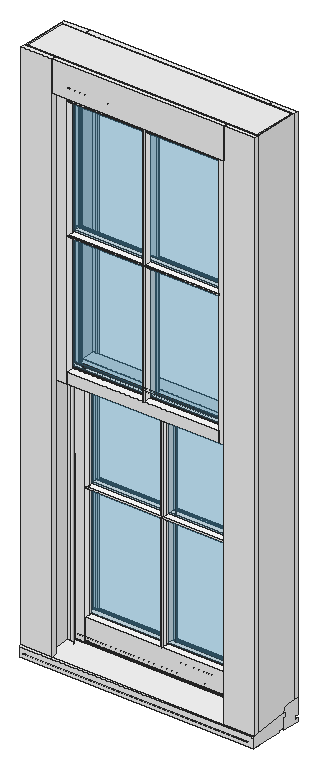
Revit family "B1-44", category Generic Models, Revit 2012
Parameters (values of type "Window Sill drawing")
  Width = 757 mm
  Height = 1770 mm
  GlazingPanelMaterial = Glass
  Floor Material = White
Reference planes
  plane 1 "Center (Front/Back)": y = 0
  plane 2: z = 0
  plane 3 "Center (Left/Right)": x = 0
  plane 4: z = 1770
  plane 5: x = -800
  plane 6: y = -21.25
  plane 7: y = 152.75
  plane 8: x = -669
  plane 9: y = -21.25
  plane 10: z = 872.63
  plane 11: z = 828.63
  plane 12: z = 1670
  plane 13: z = 1684
  plane 14: z = 33
  plane 15: z = 1688
  plane 16: z = 68
  plane 17: x = -43
  plane 18: x = -419.504
  plane 19: z = 1770
  plane 20: z = 1770
  plane 21: x = -125
  plane 22: x = -174
  plane 23: y = 112.422
  plane 24: y = 112.422
  plane 25: y = 112.422
  plane 26: z = 1254.52
  plane 27: z = 1639.938
Forms (mm)
  Extrusion 1, solid, material "White" <- "Floor Material"
    sketch origin (250, 0, 562.324) x (0, 1, 0) y (0, 0, 1)
      loop
        arc (117, 270.705) -> (122.657, 273.048) -> (125, 278.705) r 8
        line (125, 278.705) -> (128, 278.705) -> (128, 283.705) -> (109, 283.705) -> (109, 271.705) -> (112, 271.705) -> (113, 267.705) -> (117, 267.705) -> (117, 270.705)
      loop
        line (105, 279.705) -> (89, 279.705) -> (89, 269.705) -> (105, 269.705) -> (105, 279.705)
      loop
        line (60, 266.306) -> (60, 292.705) -> (54, 292.705) -> (54, 295.705) -> (12, 295.705) -> (12, 311.705) -> (10, 311.705) -> (0, 301.705) -> (0, 266.306) -> (30.175, 266.306) -> (60, 266.306)
      loop
        line (34, 309.705) -> (18, 309.705) -> (18, 299.705) -> (34, 299.705) -> (34, 309.705)
      loop
        arc (55.453, 295.378) -> (54.453, 294.378) -> (55.453, 293.378) r 1
        line (55.453, 293.378) -> (62.953, 293.378) -> (62.953, 297.347) -> (65.009, 294.536)
        arc (65.009, 294.536) -> (66.322, 294.637) -> (66.424, 295.95) r 1.012
        line (66.424, 295.95) -> (63.438, 300.032)
        arc (63.438, 300.032) -> (61.948, 300.556) -> (60.923, 299.354) r 1.396
        line (60.923, 299.354) -> (60.923, 295.378) -> (55.453, 295.378)
    from -917.922 to -425.078
  Extrusion 2, solid, material "White" <- "Floor Material"
    sketch origin (1015, 13.291, 509.518) x (0, 1, 0) y (0, 0, 1)
      loop
        line (69.709, 336.511) -> (96.209, 336.511) -> (96.209, 363.113) -> (50.709, 363.113) -> (50.709, 359.511) -> (52.709, 349.511) -> (57.709, 349.511) -> (57.709, 339.968) -> (63.93, 339.968) -> (63.93, 336.511) -> (57.709, 336.511) -> (57.709, 320.511) -> (69.709, 320.511) -> (69.709, 336.511)
      loop
        line (53.709, 320.511) -> (53.709, 325.511) -> (51.709, 335.511) -> (46.709, 335.511) -> (46.709, 320.511) -> (53.709, 320.511)
      loop
        line (46.709, 364.511) -> (28.709, 364.511) -> (27.709, 360.511) -> (24.709, 360.511) -> (24.709, 348.511) -> (46.709, 348.511) -> (46.709, 364.511)
      loop
        arc (62.543, 337.398) -> (63.543, 338.398) -> (62.543, 339.398) r 1
        line (62.543, 339.398) -> (55.043, 339.398) -> (55.043, 335.429) -> (52.986, 338.241)
        arc (52.986, 338.241) -> (51.673, 338.139) -> (51.572, 336.826) r 1.012
        line (51.572, 336.826) -> (54.558, 332.744)
        arc (54.558, 332.744) -> (56.048, 332.221) -> (57.072, 333.423) r 1.396
        line (57.072, 333.423) -> (57.072, 337.398) -> (62.543, 337.398)
    from -1684 to -1189.078
  Extrusion 3, solid, material "White" <- "Floor Material"
    sketch origin (865, 123.171, 523.242) x (0, 1, 0) y (0, 0, 1)
      loop
        line (-14.171, 306.296) -> (-10.171, 306.787) -> (-11.171, 310.787) -> (-14.171, 310.787) -> (-14.171, 306.296)
      loop
        line (-38.171, 306.542) -> (-38.171, 309.542) -> (-40.171, 309.787) -> (-40.171, 306.787) -> (-38.171, 306.542)
      loop
        line (-85.171, 351.278) -> (-85.171, 346.787) -> (-82.171, 346.787) -> (-81.171, 350.787) -> (-85.171, 351.278)
      loop
        line (-111.171, 347.787) -> (-109.171, 348.033) -> (-109.171, 351.033) -> (-111.171, 350.787) -> (-111.171, 347.787)
    from -1534 to -1039.078
  Extrusion 4, solid, material "Glass" <- "GlazingPanelMaterial"
    sketch origin (150, 64.106, 220.533) x (0, 1, 0) y (0, 0, 1)
      loop
        line (44.88, -103.528) -> (44.88, 613.496) -> (40.88, 613.496) -> (40.88, -103.528) -> (44.88, -103.528)
      loop
        line (24.88, 611.496) -> (20.88, 611.496) -> (20.88, -103.528) -> (24.88, -103.528) -> (24.88, 611.496)
    from -819 to -324.078
  Extrusion 5, solid, material "White" <- "Floor Material"
    sketch origin (761.418, 125.498, 869.228) x (0, -0.121869, -0.992546) y (0, 0.992546, -0.121869)
      loop
        line (28.327, -57.65) -> (23.969, -54.354)
        arc (23.969, -54.354) -> (22.506, -54.612) -> (22.765, -56.075) r 1.05
        line (22.765, -56.075) -> (26.332, -58.837)
        arc (26.332, -58.837) -> (26.584, -59.776) -> (25.835, -60.396) r 0.9
        line (25.835, -60.396) -> (19.693, -61.15)
        arc (19.693, -61.15) -> (19.162, -61.383) -> (18.989, -61.936) r 0.7
        line (18.989, -61.936) -> (19.197, -63.633) -> (19.712, -64.398) -> (20.1, -67.562) -> (19.196, -66.76) -> (19.293, -67.554) -> (20.152, -68.225) -> (20.951, -68.183) -> (23.094, -67.324) -> (22.996, -66.53) -> (20.532, -66.978) -> (20.205, -64.315)
        arc (20.205, -64.315) -> (20.389, -63.651) -> (20.989, -63.312) r 0.9
        line (20.989, -63.312) -> (28.761, -62.358)
        arc (28.761, -62.358) -> (29.205, -62.1) -> (29.324, -61.601) r 0.65
        line (29.324, -61.601) -> (28.752, -58.33)
        arc (28.752, -58.33) -> (28.631, -57.932) -> (28.327, -57.65) r 0.798
    from -1430.418 to -935.496
  Extrusion 6, solid, material "White" <- "Floor Material"
    sketch origin (911.418, 126.532, 870.463) x (0, -0.121869, -0.992546) y (0, 0.992546, -0.121869)
      loop
        arc (25.38, -55.148) -> (23.778, -55.428) -> (24.057, -57.03) r 1.15
        line (24.057, -57.03) -> (27.62, -59.789)
        arc (27.62, -59.789) -> (27.84, -60.623) -> (27.175, -61.172) r 0.8
        line (27.175, -61.172) -> (20.939, -61.931)
        arc (20.939, -61.931) -> (20.405, -62.232) -> (20.241, -62.823) r 0.8
        line (20.241, -62.823) -> (20.45, -64.52) -> (20.968, -65.312) -> (21.339, -68.337) -> (20.548, -67.635) -> (20.645, -68.429) -> (21.504, -69.1) -> (22.303, -69.058) -> (24.446, -68.2) -> (24.348, -67.406) -> (21.983, -67.835) -> (21.657, -65.178)
        arc (21.657, -65.178) -> (21.82, -64.588) -> (22.353, -64.287) r 0.8
        line (22.353, -64.287) -> (30.127, -63.332)
        arc (30.127, -63.332) -> (30.638, -63.034) -> (30.774, -62.459) r 0.75
        line (30.774, -62.459) -> (30.244, -59.424)
        arc (30.244, -59.424) -> (30.154, -58.918) -> (29.833, -58.516) r 1.042
        line (29.833, -58.516) -> (25.38, -55.148)
    from -1580.418 to -1085.496
  Extrusion 7, solid, material "White" <- "Floor Material"
    sketch origin (861.418, 121.497, 882.106) x (0, -0.121869, -0.992546) y (0, 0.992546, -0.121869)
      loop
        line (37.899, -55.316) -> (32.161, -55.997)
        arc (32.161, -55.997) -> (31.827, -56.184) -> (31.724, -56.554) r 0.5
        line (31.724, -56.554) -> (32.395, -62.021) -> (31.491, -61.219) -> (31.588, -62.013) -> (32.447, -62.684) -> (33.246, -62.642) -> (35.389, -61.784) -> (35.291, -60.989) -> (32.827, -61.437) -> (32.285, -57.019)
        arc (32.285, -57.019) -> (32.428, -56.659) -> (32.772, -56.479) r 0.558
        line (32.772, -56.479) -> (37.96, -55.818)
        arc (37.96, -55.818) -> (38.179, -55.536) -> (37.899, -55.316) r 0.253
    from -1530.418 to -1035.496
  Extrusion 8, solid, material "White" <- "Floor Material"
    sketch origin (-78.582, 5.502, 835.112) x (0, 0.121869, 0.992546) y (0, -0.992546, 0.121869)
      loop
        line (28.327, -57.65) -> (23.969, -54.354)
        arc (23.969, -54.354) -> (22.506, -54.612) -> (22.765, -56.075) r 1.05
        line (22.765, -56.075) -> (26.332, -58.837)
        arc (26.332, -58.837) -> (26.584, -59.776) -> (25.835, -60.396) r 0.9
        line (25.835, -60.396) -> (19.693, -61.15)
        arc (19.693, -61.15) -> (19.162, -61.383) -> (18.989, -61.936) r 0.7
        line (18.989, -61.936) -> (19.197, -63.633) -> (19.712, -64.398) -> (20.1, -67.562) -> (19.196, -66.76) -> (19.293, -67.554) -> (20.152, -68.225) -> (20.951, -68.183) -> (23.094, -67.324) -> (22.996, -66.53) -> (20.532, -66.978) -> (20.205, -64.315)
        arc (20.205, -64.315) -> (20.389, -63.651) -> (20.989, -63.312) r 0.9
        line (20.989, -63.312) -> (28.761, -62.358)
        arc (28.761, -62.358) -> (29.205, -62.1) -> (29.324, -61.601) r 0.65
        line (29.324, -61.601) -> (28.752, -58.33)
        arc (28.752, -58.33) -> (28.631, -57.932) -> (28.327, -57.65) r 0.798
    from -590.418 to -95.496
  Extrusion 9, solid, material "White" <- "Floor Material"
    sketch origin (736.418, 9.503, 822.234) x (0, 0.121869, 0.992546) y (0, -0.992546, 0.121869)
      loop
        line (37.899, -55.316) -> (32.161, -55.997)
        arc (32.161, -55.997) -> (31.827, -56.184) -> (31.724, -56.554) r 0.5
        line (31.724, -56.554) -> (32.395, -62.021) -> (31.491, -61.219) -> (31.588, -62.013) -> (32.447, -62.684) -> (33.246, -62.642) -> (35.389, -61.784) -> (35.291, -60.989) -> (32.827, -61.437) -> (32.285, -57.019)
        arc (32.285, -57.019) -> (32.428, -56.659) -> (32.772, -56.479) r 0.558
        line (32.772, -56.479) -> (37.96, -55.818)
        arc (37.96, -55.818) -> (38.179, -55.536) -> (37.899, -55.316) r 0.253
    from -1405.418 to -910.496
  Extrusion 10, solid, material "White" <- "Floor Material"
    sketch origin (815, 0, 562.324) x (0, 1, 0) y (0, 0, 1)
      loop
        line (38, 299.705) -> (12, 299.705) -> (12, 295.705) -> (38, 295.705) -> (38, 299.705)
      loop
        line (109, 283.705) -> (83, 283.705) -> (83, 279.705) -> (109, 279.705) -> (109, 283.705)
    from -1484 to -1234.582
  Extrusion 11, solid, not visible
    sketch origin (0, 0, 9.375) x (0, 1, 0) y (0, 0, 1)
      loop
        line (94.662, 311.911) -> (94.314, 312.868) -> (95.314, 312.868) -> (93.454, 317.977) -> (86.115, 317.977) -> (85.011, 317.575) -> (64.143, 317.575) -> (64.143, 311.911) -> (94.662, 311.911)
    from 0 to 250
  Extrusion 12, solid, not visible
    sketch origin (0, 0, 9.375) x (0, 1, 0) y (0, 0, 1)
      loop
        line (93.688, 317.334) -> (85.92, 317.334) -> (87.101, 312.926) -> (95.293, 312.926) -> (93.688, 317.334)
      loop
        line (91.853, 322.376) -> (91.853, 328.194)
        arc (91.853, 328.194) -> (91.424, 329.231) -> (90.388, 329.66) r 1.465
        line (90.388, 329.66) -> (71.853, 329.66) -> (71.853, 322.376) -> (91.853, 322.376)
      loop
        line (73.373, 320.598) -> (64.143, 320.598) -> (64.143, 317.575) -> (73.373, 317.575) -> (73.373, 320.598)
      loop
        line (61.169, 311.884) -> (61.169, 316.884) -> (56.169, 316.884)
        arc (56.169, 316.884) -> (53.926, 317.813) -> (52.996, 320.057) r 3.173
        line (52.996, 320.057) -> (52.996, 327.594)
        arc (52.996, 327.594) -> (53.247, 329.284) -> (54.656, 330.25) r 2.138
        line (54.656, 330.25) -> (56.493, 330.25)
        arc (56.493, 330.25) -> (57.939, 329.727) -> (58.925, 328.548) r 2.95
        line (58.925, 328.548) -> (59.306, 324.922) -> (61.24, 324.922) -> (60.612, 330.901)
        arc (60.612, 330.901) -> (59.723, 332.646) -> (57.894, 333.348) r 2.733
        line (57.894, 333.348) -> (52.423, 333.348)
        arc (52.423, 333.348) -> (50.164, 330.795) -> (49.999, 327.391) r 5.139
        line (49.999, 327.391) -> (47.957, 316.884)
        arc (47.957, 316.884) -> (49.179, 314.507) -> (49.698, 311.884) r 9.583
        line (49.698, 311.884) -> (61.169, 311.884)
    from 0 to 250
  Extrusion 13, solid, material "White" <- "Floor Material"
    sketch origin (50, -21.25, 1386.188) x (0, 1, 0) y (0, 0, 1)
      loop
        line (78.5, 268.749) -> (59.5, 268.749) -> (59.5, 256.749) -> (62.5, 256.749) -> (63.5, 252.749) -> (67.5, 252.749) -> (67.5, 255.749)
        arc (67.5, 255.749) -> (73.157, 258.092) -> (75.5, 263.749) r 8
        line (75.5, 263.749) -> (78.5, 263.749) -> (78.5, 268.749)
      loop
        line (67.534, 317.378) -> (63.288, 313.116) -> (63.101, 309.432)
        arc (63.101, 309.432) -> (63.279, 308.951) -> (63.75, 308.749) r 0.65
        line (63.75, 308.749) -> (71.582, 308.749)
        arc (71.582, 308.749) -> (72.219, 308.486) -> (72.482, 307.849) r 0.9
        line (72.482, 307.849) -> (72.482, 305.266) -> (69.639, 305.266) -> (69.639, 304.437) -> (70.5, 304.437) -> (72.582, 304.032) -> (73.5, 304.437) -> (73.5, 308.749) -> (73.4, 310.459)
        arc (73.4, 310.459) -> (73.16, 310.987) -> (72.605, 311.153) r 0.7
        line (72.605, 311.153) -> (66.417, 311.153)
        arc (66.417, 311.153) -> (65.695, 311.514) -> (65.553, 312.309) r 0.9
        line (65.553, 312.309) -> (68.938, 315.817)
        arc (68.938, 315.817) -> (69.016, 317.299) -> (67.534, 317.378) r 1.05
    from -719 to -224
  Extrusion 14, solid, material "White" <- "Floor Material"
    sketch origin (50, -21.25, 1375.251) x (0, 1, 0) y (0, 0, 1)
      loop
        line (154, 344.749) -> (154, 388.749) -> (20, 388.749) -> (20, 344.749) -> (154, 344.749)
    from -749.921 to -193.079
  Extrusion 15, solid, material "Glass" <- "GlazingPanelMaterial"
    sketch origin (0, -6.957, 1101.493) x (0, 1, 0) y (0, 0, 1)
      loop
        line (45.207, -226.973) -> (45.207, 568.507) -> (41.207, 568.507) -> (41.207, -226.973) -> (45.207, -226.973)
      loop
        line (24.957, 568.507) -> (20.957, 568.507) -> (20.957, -226.973) -> (24.957, -226.973) -> (24.957, 568.507)
    from -669 to -174.078
  Extrusion 16, solid, material "White" <- "Floor Material"
    sketch origin (-72.332, 95.318, 1807.485) x (0, 1, 0) y (0, 0, 1)
      loop
        line (-97.368, -115.408) -> (-98.782, -115.408) -> (-98.782, -120.691) -> (-97.368, -120.691) -> (-97.368, -119.602) -> (-97.368, -116.493) -> (-97.368, -115.408)
    from -596.668 to -347.25
  Extrusion 17, solid, material "White" <- "Floor Material"
    sketch origin (50, -21.25, 1386.188) x (0, 1, 0) y (0, 0, 1)
      loop
        line (17, 304.499) -> (13, 304.499) -> (13, 301.999) -> (17, 301.999) -> (17, 299.749) -> (20, 299.749) -> (20, 301.694) -> (19.2, 301.694) -> (19.2, 300.606) -> (17.786, 300.606) -> (17.786, 305.893) -> (19.2, 305.893) -> (19.2, 304.804) -> (20, 304.804) -> (20, 306.749) -> (17, 306.749) -> (17, 304.499)
    from -719 to -224
  Extrusion 18, solid, material "White" <- "Floor Material"
    sketch origin (50, -21.25, 1386.188) x (0, 1, 0) y (0, 0, 1)
      loop
        line (23.862, 300.393) -> (23.862, 306.074)
        spline (23.862, 306.074) -> (23.6, 305.683) -> (23.284, 305.425) -> (22.922, 305.27) -> (22.524, 305.189) -> (22.101, 305.153) -> (21.66, 305.133) -> (21.213, 305.1) -> (20.767, 305.024) -> (20.334, 304.876) -> (19.922, 304.627) -> (19.541, 304.248) -> (19.2, 303.71)
        line (19.2, 303.71) -> (19.2, 302.476)
        spline (19.2, 302.476) -> (19.558, 301.967) -> (19.948, 301.615) -> (20.362, 301.392) -> (20.792, 301.269) -> (21.23, 301.216) -> (21.669, 301.205) -> (22.099, 301.206) -> (22.515, 301.191) -> (22.906, 301.132) -> (23.267, 300.998) -> (23.588, 300.761) -> (23.862, 300.393)
    from -719 to -224
  Extrusion 19, solid, material "White" <- "Floor Material"
    sketch origin (-22.332, 36.182, 1807.485) x (0, -1, 0) y (0, 0, -1)
      loop
        line (-97.368, 115.408) -> (-97.368, 116.493) -> (-97.368, 119.602) -> (-97.368, 120.691) -> (-98.782, 120.691) -> (-98.782, 115.408) -> (-97.368, 115.408)
    from -646.668 to -397.25
  Extrusion 20, solid, material "White" <- "Floor Material"
    sketch origin (25, 152.75, 1386.188) x (0, -1, 0) y (0, 0, -1)
      loop
        spline (23.862, -300.393) -> (23.588, -300.761) -> (23.267, -300.998) -> (22.906, -301.132) -> (22.515, -301.191) -> (22.099, -301.206) -> (21.669, -301.205) -> (21.23, -301.216) -> (20.792, -301.269) -> (20.362, -301.392) -> (19.948, -301.615) -> (19.558, -301.967) -> (19.2, -302.476)
        line (19.2, -302.476) -> (19.2, -303.71)
        spline (19.2, -303.71) -> (19.541, -304.248) -> (19.922, -304.627) -> (20.334, -304.876) -> (20.767, -305.024) -> (21.213, -305.1) -> (21.66, -305.133) -> (22.101, -305.153) -> (22.524, -305.189) -> (22.922, -305.27) -> (23.284, -305.425) -> (23.6, -305.683) -> (23.862, -306.074)
        line (23.862, -306.074) -> (23.862, -300.393)
    from -694 to -444.582
  Extrusion 21, solid, material "White" <- "Floor Material"
    sketch origin (50, 234.566, 1502.409) x (0, 1, 0) y (0, 0, 1)
      loop
        line (-222.316, 137.529) -> (-220.566, 137.744) -> (-220.566, 140.529) -> (-222.316, 140.529) -> (-222.316, 137.529)
      loop
        line (-193.316, 140.529) -> (-196.316, 140.529) -> (-196.316, 136.529) -> (-192.316, 136.529) -> (-193.316, 140.529)
    from -719 to -224
  Extrusion 22, solid, material "White" <- "Floor Material"
    sketch origin (50, -21.25, 1381.251) x (0, 1, 0) y (0, 0, 1)
      loop
        line (159, 312.749) -> (159, 382.749) -> (20, 382.749) -> (20, 329.749) -> (15, 329.749) -> (15, 321.749) -> (20, 321.749) -> (20, 312.749) -> (83, 312.749) -> (83, 319.749) -> (91, 319.749) -> (91, 312.749) -> (159, 312.749)
    from -767.938 to -175.062
  Extrusion 23, solid, material "White" <- "Floor Material"
    sketch origin (-172.332, 69.685, -12.907) x (0, -1, 0) y (0, 0, -1)
      loop
        line (-28.815, -17.907) -> (-28.815, -45.907) -> (-33.815, -45.907) -> (-33.815, -60.907) -> (-28.815, -60.907) -> (92.551, -46.005)
        arc (92.551, -46.005) -> (94.432, -45.015) -> (95.185, -43.027) r 3
        line (95.185, -43.027) -> (95.185, -12.907) -> (90.185, -12.907) -> (90.185, -14.907)
        arc (90.185, -14.907) -> (87.185, -17.907) -> (84.185, -14.907) r 3
        line (84.185, -14.907) -> (84.185, -12.907) -> (-8.815, -12.907) -> (-8.815, -17.907) -> (-28.815, -17.907)
    from -627.668 to 129.332
  Extrusion 24, solid, material "White" <- "Floor Material"
    sketch origin (-172.332, 69.685, 0) x (0, -1, 0) y (0, 0, -1)
      loop
        line (-82.815, 0) -> (-82.815, -10) -> (-72.815, -10) -> (-72.815, -20) -> (-82.815, -20) -> (-82.815, -68) -> (-62.815, -68) -> (-28.815, -63.825) -> (-28.815, -58.913)
        arc (-28.815, -58.913) -> (-31.815, -55.913) -> (-28.815, -52.913) r 3
        line (-28.815, -52.913) -> (-28.815, -48) -> (-33.815, -48) -> (-33.815, -33) -> (-28.815, -33) -> (-28.815, 0) -> (-82.815, 0)
    from -627.668 to 129.332
  Extrusion 25, solid, material "White" <- "Floor Material"
    sketch origin (-172.332, 75.723, -26.266) x (0, -1, 0) y (0, 0, -1)
      loop
        line (-6.277, -76.621) -> (-17.277, -77.972) -> (-17.277, -99.936) -> (-21.277, -99.936) -> (-21.277, -139.271) -> (-7.277, -139.271) -> (-7.277, -155.271) -> (-5.277, -155.271) -> (4.723, -145.271) -> (4.723, -77.246)
        arc (4.723, -77.246) -> (3.711, -74.999) -> (1.357, -74.268) r 3
        line (1.357, -74.268) -> (-3.277, -74.837) -> (-3.277, -82.253) -> (-6.277, -82.253) -> (-6.277, -76.621)
      loop
        line (-55.277, -139.271) -> (-29.277, -139.271) -> (-29.277, -99.936) -> (-33.277, -99.936) -> (-33.277, -94.936) -> (-44.277, -96.287) -> (-44.277, -102.287) -> (-47.277, -102.287) -> (-47.277, -96.655) -> (-52.643, -97.314)
        arc (-52.643, -97.314) -> (-54.524, -98.304) -> (-55.277, -100.292) r 3
        line (-55.277, -100.292) -> (-55.277, -139.271)
    from -495.589 to -2.746
  Extrusion 26, solid, material "White" <- "Floor Material"
    sketch origin (-172.332, 36.806, -33.552) x (0, -1, 0) y (0, 0, -1)
      loop
        line (-97.22, -108.207) -> (-97.22, -106.552) -> (-98.72, -106.552) -> (-98.72, -111.552) -> (-97.22, -111.552) -> (-97.22, -109.898)
        spline (-97.22, -109.898) -> (-96.846, -110.536) -> (-96.419, -110.991) -> (-95.951, -111.297) -> (-95.454, -111.486) -> (-94.941, -111.593) -> (-94.423, -111.65) -> (-93.912, -111.691) -> (-93.422, -111.75) -> (-92.964, -111.859) -> (-92.55, -112.054) -> (-92.193, -112.366) -> (-91.905, -112.83)
        line (-91.905, -112.83) -> (-91.905, -105.274)
        spline (-91.905, -105.274) -> (-92.193, -105.738) -> (-92.55, -106.051) -> (-92.964, -106.245) -> (-93.422, -106.355) -> (-93.912, -106.414) -> (-94.423, -106.455) -> (-94.941, -106.512) -> (-95.454, -106.619) -> (-95.951, -106.808) -> (-96.419, -107.113) -> (-96.846, -107.569) -> (-97.22, -108.207)
    from -496.668 to -1.746
  Extrusion 27, solid, material "White" <- "Floor Material"
    sketch origin (-172.332, 73.367, -7.569) x (0, -1, 0) y (0, 0, -1)
      loop
        line (-54.633, -125.574) -> (-51.633, -125.574)
        arc (-51.633, -125.574) -> (-49.289, -131.23) -> (-43.633, -133.574) r 8
        line (-43.633, -133.574) -> (-43.633, -136.574) -> (-39.633, -136.574) -> (-38.633, -132.574) -> (-35.633, -132.574) -> (-35.633, -120.574) -> (-54.633, -120.574) -> (-54.633, -125.574)
    from -496.668 to -1.746
  Extrusion 28, solid, material "White" <- "Floor Material"
    sketch origin (-172.332, 69.685, 0) x (0, -1, 0) y (0, 0, -1)
      loop
        line (-39.315, -113.004) -> (-39.315, -117.004) -> (-15.315, -117.004) -> (-15.315, -126.25) -> (-13.315, -126.004) -> (-13.315, -113.004) -> (-39.315, -113.004)
    from -496.668 to -1.746
  Extrusion 29, solid, material "White" <- "Floor Material"
    sketch origin (-153.582, 101.098, -13.29) x (0, -1, 0) y (0, 0, -1)
      loop
        line (28.327, -57.65) -> (23.969, -54.354)
        arc (23.969, -54.354) -> (22.506, -54.612) -> (22.765, -56.075) r 1.05
        line (22.765, -56.075) -> (26.332, -58.837)
        arc (26.332, -58.837) -> (26.584, -59.776) -> (25.835, -60.396) r 0.9
        line (25.835, -60.396) -> (19.693, -61.15)
        arc (19.693, -61.15) -> (19.162, -61.383) -> (18.989, -61.936) r 0.7
        line (18.989, -61.936) -> (19.197, -63.633) -> (19.712, -64.398) -> (20.1, -67.562) -> (19.196, -66.76) -> (19.293, -67.554) -> (20.152, -68.225) -> (20.951, -68.183) -> (23.094, -67.324) -> (22.996, -66.53) -> (20.532, -66.978) -> (20.205, -64.315)
        arc (20.205, -64.315) -> (20.389, -63.651) -> (20.989, -63.312) r 0.9
        line (20.989, -63.312) -> (28.761, -62.358)
        arc (28.761, -62.358) -> (29.205, -62.1) -> (29.324, -61.601) r 0.65
        line (29.324, -61.601) -> (28.752, -58.33)
        arc (28.752, -58.33) -> (28.631, -57.932) -> (28.327, -57.65) r 0.798
    from -546.339 to -20.496
  Extrusion 30, solid, material "White" <- "Floor Material"
    sketch origin (-153.582, 113.393, -7.749) x (0, -1, 0) y (0, 0, -1)
      loop
        line (37.899, -55.316) -> (32.161, -55.997)
        arc (32.161, -55.997) -> (31.827, -56.184) -> (31.724, -56.554) r 0.5
        line (31.724, -56.554) -> (32.395, -62.021) -> (31.491, -61.219) -> (31.588, -62.013) -> (32.447, -62.684) -> (33.246, -62.642) -> (35.389, -61.784) -> (35.291, -60.989) -> (32.827, -61.437) -> (32.285, -57.019)
        arc (32.285, -57.019) -> (32.428, -56.659) -> (32.772, -56.479) r 0.558
        line (32.772, -56.479) -> (37.96, -55.818)
        arc (37.96, -55.818) -> (38.179, -55.536) -> (37.899, -55.316) r 0.253
    from -515.418 to -20.496
  Extrusion 31, solid, material "White" <- "Floor Material"
    sketch origin (-172.332, 69.685, 0) x (0, -1, 0) y (0, 0, -1)
      loop
        line (-35.315, -127.004) -> (-19.315, -127.004) -> (-19.315, -117.004) -> (-35.315, -117.004) -> (-35.315, -127.004)
    from -496.668 to -5.928
  Extrusion 32, solid, material "White" <- "Floor Material"
    sketch origin (-153.582, 142.098, 6.744) x (0, -1, 0) y (0, 0, -1)
      loop
        line (28.327, -57.65) -> (23.969, -54.354)
        arc (23.969, -54.354) -> (22.506, -54.612) -> (22.765, -56.075) r 1.05
        line (22.765, -56.075) -> (26.332, -58.837)
        arc (26.332, -58.837) -> (26.584, -59.776) -> (25.835, -60.396) r 0.9
        line (25.835, -60.396) -> (19.693, -61.15)
        arc (19.693, -61.15) -> (19.162, -61.383) -> (18.989, -61.936) r 0.7
        line (18.989, -61.936) -> (19.197, -63.633) -> (19.712, -64.398) -> (20.1, -67.562) -> (19.196, -66.76) -> (19.293, -67.554) -> (20.152, -68.225) -> (20.951, -68.183) -> (23.094, -67.324) -> (22.996, -66.53) -> (20.532, -66.978) -> (20.205, -64.315)
        arc (20.205, -64.315) -> (20.389, -63.651) -> (20.989, -63.312) r 0.9
        line (20.989, -63.312) -> (28.761, -62.358)
        arc (28.761, -62.358) -> (29.205, -62.1) -> (29.324, -61.601) r 0.65
        line (29.324, -61.601) -> (28.752, -58.33)
        arc (28.752, -58.33) -> (28.631, -57.932) -> (28.327, -57.65) r 0.798
    from -515.418 to -20.496
  Extrusion 33, solid, material "White" <- "Floor Material"
    sketch origin (-153.582, 143.45, 5.869) x (0, -1, 0) y (0, 0, -1)
      loop
        arc (25.38, -55.148) -> (23.778, -55.428) -> (24.057, -57.03) r 1.15
        line (24.057, -57.03) -> (27.62, -59.789)
        arc (27.62, -59.789) -> (27.84, -60.623) -> (27.175, -61.172) r 0.8
        line (27.175, -61.172) -> (20.939, -61.931)
        arc (20.939, -61.931) -> (20.405, -62.232) -> (20.241, -62.823) r 0.8
        line (20.241, -62.823) -> (20.45, -64.52) -> (20.968, -65.312) -> (21.339, -68.337) -> (20.548, -67.635) -> (20.645, -68.429) -> (21.504, -69.1) -> (22.303, -69.058) -> (24.446, -68.2) -> (24.348, -67.406) -> (21.983, -67.835) -> (21.657, -65.178)
        arc (21.657, -65.178) -> (21.82, -64.588) -> (22.353, -64.287) r 0.8
        line (22.353, -64.287) -> (30.127, -63.332)
        arc (30.127, -63.332) -> (30.638, -63.034) -> (30.774, -62.459) r 0.75
        line (30.774, -62.459) -> (30.244, -59.424)
        arc (30.244, -59.424) -> (30.154, -58.918) -> (29.833, -58.516) r 1.042
        line (29.833, -58.516) -> (25.38, -55.148)
    from -515.418 to -20.496
  Extrusion 34, solid, material "White" <- "Floor Material"
    sketch origin (-153.582, 154.393, 12.285) x (0, -1, 0) y (0, 0, -1)
      loop
        line (37.899, -55.316) -> (32.161, -55.997)
        arc (32.161, -55.997) -> (31.827, -56.184) -> (31.724, -56.554) r 0.5
        line (31.724, -56.554) -> (32.395, -62.021) -> (31.491, -61.219) -> (31.588, -62.013) -> (32.447, -62.684) -> (33.246, -62.642) -> (35.389, -61.784) -> (35.291, -60.989) -> (32.827, -61.437) -> (32.285, -57.019)
        arc (32.285, -57.019) -> (32.428, -56.659) -> (32.772, -56.479) r 0.558
        line (32.772, -56.479) -> (37.96, -55.818)
        arc (37.96, -55.818) -> (38.179, -55.536) -> (37.899, -55.316) r 0.253
    from -515.418 to -20.496
  Extrusion 35, solid, material "White" <- "Floor Material"
    sketch origin (-172.332, 69.685, 0) x (0, -1, 0) y (0, 0, -1)
      loop
        line (-39.315, -129.495) -> (-39.315, -125.004) -> (-42.315, -125.004) -> (-43.315, -129.004) -> (-39.315, -129.495)
      loop
        line (-15.315, -129.25) -> (-13.315, -129.004) -> (-13.315, -126.004) -> (-15.315, -126.25) -> (-15.315, -129.25)
    from -496.668 to -1.746
  Extrusion 36, solid, material "White" <- "Floor Material"
    sketch origin (-511.418, -643.153, 0) x (1, 0, 0) y (0, 1, 0)
      loop
        line (-280.004, 695.902) -> (-280.004, 650.902) -> (-235.004, 650.902) -> (-235.004, 695.902) -> (-280.004, 695.902)
      loop
        circle (-257.504, 673.402) r 3.5
      loop
        circle (-257.504, 744.402) r 3.5
      loop
        line (-235.004, 766.902) -> (-280.004, 766.902) -> (-280.004, 721.902) -> (-235.004, 721.902) -> (-235.004, 766.902)
      loop
        line (-281.504, 707.402) -> (-233.504, 707.402) -> (-233.504, 710.402) -> (-281.504, 710.402) -> (-281.504, 707.402)
      loop
        line (-206.504, 712.902) -> (-213.504, 712.902) -> (-213.504, 704.902) -> (-192.504, 704.902)
        arc (-192.504, 704.902) -> (-188.504, 708.902) -> (-192.504, 712.902) r 4
        line (-192.504, 712.902) -> (-206.504, 712.902)
    from 33 to 1670
  Extrusion 37, solid, material "White" <- "Floor Material"
    sketch origin (-511.434, -643.965, 0) x (1, 0, 0) y (0, 1, 0)
      loop
        line (-209.504, 752.402) -> (-254.504, 752.402) -> (-254.504, 736.402) -> (-209.504, 736.402) -> (-209.504, 729.902) -> (-206.504, 729.902) -> (-206.504, 758.902) -> (-209.504, 758.902) -> (-209.504, 752.402)
      loop
        line (-254.504, 681.402) -> (-254.504, 665.402) -> (-209.504, 665.402) -> (-209.504, 658.902) -> (-206.504, 658.902) -> (-206.504, 687.902) -> (-209.504, 687.902) -> (-209.504, 681.402) -> (-254.504, 681.402)
    from 33 to 1670
  Extrusion 38, solid, material "White" <- "Floor Material"
    sketch origin (-511.418, -571.902, -672) x (1, 0, 0) y (0, 1, 0)
      loop
        line (-156.504, 643.402) -> (-146.504, 653.402) -> (-146.504, 655.402) -> (-162.504, 655.402) -> (-162.504, 703.402) -> (-199.504, 703.402)
        arc (-199.504, 703.402) -> (-201.625, 702.524) -> (-202.504, 700.402) r 3
        line (-202.504, 700.402) -> (-202.504, 679.402) -> (-196.504, 679.402) -> (-196.504, 667.402) -> (-202.504, 667.402) -> (-202.504, 654.402) -> (-196.504, 654.402) -> (-196.504, 651.402) -> (-202.504, 651.402) -> (-202.504, 646.402)
        arc (-202.504, 646.402) -> (-201.625, 644.281) -> (-199.504, 643.402) r 3
        line (-199.504, 643.402) -> (-156.504, 643.402)
    from 717.039 to 1502.029
  Extrusion 39, solid, not visible
    sketch origin (-848.022, -244.537, 0) x (1, 0, 0) y (0, 1, 0)
      loop
        line (-156.504, 643.402) -> (-146.504, 653.402) -> (-146.504, 655.402) -> (-162.504, 655.402) -> (-162.504, 703.402) -> (-199.504, 703.402)
        arc (-199.504, 703.402) -> (-201.625, 702.524) -> (-202.504, 700.402) r 3
        line (-202.504, 700.402) -> (-202.504, 695.402) -> (-196.504, 695.402) -> (-196.504, 692.402) -> (-202.504, 692.402) -> (-202.504, 679.402) -> (-196.504, 679.402) -> (-196.504, 667.402) -> (-202.504, 667.402) -> (-202.504, 646.402)
        arc (-202.504, 646.402) -> (-201.625, 644.281) -> (-199.504, 643.402) r 3
        line (-199.504, 643.402) -> (-156.504, 643.402)
    from 672 to 1294
  Extrusion 40, solid, not visible
    sketch origin (-848.022, -244.537, 0) x (1, 0, 0) y (0, 1, 0)
      loop
        line (-162.504, 700.402) -> (-162.504, 681.402) -> (-150.504, 681.402) -> (-150.504, 684.402) -> (-146.504, 685.402) -> (-146.504, 689.402) -> (-149.504, 689.402)
        arc (-149.504, 689.402) -> (-151.847, 695.059) -> (-157.504, 697.402) r 8
        line (-157.504, 697.402) -> (-157.504, 700.402) -> (-162.504, 700.402)
    from 672 to 1294
  Extrusion 41, solid, material "White" <- "Floor Material"
    sketch origin (-511.418, -714.403, -40) x (1, 0, 0) y (0, 1, 0)
      loop
        arc (-199.504, 774.402) -> (-201.625, 773.524) -> (-202.504, 771.402) r 3
        line (-202.504, 771.402) -> (-202.504, 766.402) -> (-196.504, 766.402) -> (-196.504, 763.402) -> (-202.504, 763.402) -> (-202.504, 750.402) -> (-196.504, 750.402) -> (-196.504, 738.402) -> (-202.504, 738.402) -> (-202.504, 717.402)
        arc (-202.504, 717.402) -> (-201.625, 715.281) -> (-199.504, 714.402) r 3
        line (-199.504, 714.402) -> (-156.504, 714.402) -> (-146.504, 724.402) -> (-146.504, 726.402) -> (-162.504, 726.402) -> (-162.504, 774.402) -> (-199.504, 774.402)
    from 868.63 to 1724
  Extrusion 42, solid, material "White" <- "Floor Material"
    sketch origin (-511.418, -714.403, -85) x (1, 0, 0) y (0, 1, 0)
      loop
        line (-157.504, 771.402) -> (-162.504, 771.402) -> (-162.504, 752.402) -> (-150.504, 752.402) -> (-150.504, 755.402) -> (-146.504, 756.402) -> (-146.504, 760.402) -> (-149.504, 760.402)
        arc (-149.504, 760.402) -> (-151.847, 766.059) -> (-157.504, 768.402) r 8
        line (-157.504, 768.402) -> (-157.504, 771.402)
    from 913.63 to 1769
  Extrusion 43, solid, material "White" <- "Floor Material"
    sketch origin (-511.418, 774.897, -660) x (1, 0, 0) y (0, 1, 0)
      loop
        arc (-204.331, -687.749) -> (-207.239, -689.467) -> (-208.592, -692.561) r 5.492
        arc (-208.592, -692.561) -> (-208.577, -693.238) -> (-207.9, -693.253) r 0.49
        line (-207.9, -693.253) -> (-207.702, -692.118)
        arc (-207.702, -692.118) -> (-206.44, -689.941) -> (-204.202, -688.789) r 4.477
        arc (-204.202, -688.789) -> (-203.814, -688.735) -> (-203.578, -688.421) r 0.511
        line (-203.578, -688.421) -> (-203.578, -686.619)
        arc (-203.578, -686.619) -> (-203.274, -687.204) -> (-203.257, -687.863) r 1.462
        line (-203.257, -687.863) -> (-203.257, -695.734)
        arc (-203.257, -695.734) -> (-202.89, -696.174) -> (-202.523, -695.734) r 0.373
        line (-202.523, -695.734) -> (-202.523, -693.221) -> (-200.345, -693.221) -> (-201.733, -694.086) -> (-199.555, -694.086) -> (-198.017, -693.779) -> (-198.017, -692.744)
        arc (-198.017, -692.744) -> (-198.357, -692.518) -> (-198.75, -692.402) r 1.365
        line (-198.75, -692.402) -> (-202.504, -692.402) -> (-202.504, -686.348)
        arc (-202.504, -686.348) -> (-203.437, -685.545) -> (-204.331, -686.391) r 0.919
        line (-204.331, -686.391) -> (-204.331, -687.749)
    from 660 to 1282
  Extrusion 44, solid, material "White" <- "Floor Material"
    sketch origin (-511.418, 774.402, -60) x (1, 0, 0) y (0, 1, 0)
      loop
        line (-204.331, -730.055) -> (-204.331, -731.414)
        arc (-204.331, -731.414) -> (-203.437, -732.26) -> (-202.504, -731.457) r 0.919
        line (-202.504, -731.457) -> (-202.504, -725.402) -> (-198.44, -725.402)
        arc (-198.44, -725.402) -> (-197.968, -724.672) -> (-198.44, -723.941) r 0.802
        line (-198.44, -723.941) -> (-199.555, -723.719) -> (-201.729, -723.719) -> (-201.113, -724.274) -> (-200.345, -724.584) -> (-202.523, -724.584) -> (-202.523, -722.012)
        arc (-202.523, -722.012) -> (-202.923, -721.612) -> (-203.323, -722.012) r 0.4
        line (-203.323, -722.012) -> (-203.323, -731.425) -> (-203.578, -730.607) -> (-203.578, -729.384)
        arc (-203.578, -729.384) -> (-203.814, -729.07) -> (-204.202, -729.016) r 0.511
        arc (-204.202, -729.016) -> (-206.634, -727.667) -> (-207.8, -725.142) r 4.477
        arc (-207.8, -725.142) -> (-208.241, -724.845) -> (-208.592, -725.244) r 0.402
        arc (-208.592, -725.244) -> (-207.239, -728.338) -> (-204.331, -730.055) r 5.492
    from 862.437 to 1744
  Extrusion 45, solid, not visible
    sketch origin (-511.418, -643.152, -230) x (1, 0, 0) y (0, 1, 0)
      loop
        line (-200.504, 641.902) -> (-200.504, 638.902) -> (-198.254, 638.902) -> (-198.254, 634.902) -> (-195.818, 634.902) -> (-195.818, 638.902) -> (-193.504, 638.902) -> (-193.504, 641.902) -> (-195.282, 641.902) -> (-195.282, 641.116) -> (-194.482, 641.116) -> (-194.482, 639.814) -> (-199.81, 639.814) -> (-199.81, 641.116) -> (-199.01, 641.116) -> (-199.01, 641.902) -> (-200.504, 641.902)
    from 230 to 852
  Extrusion 46, solid, not visible
    sketch origin (-511.418, -643.152, -140) x (1, 0, 0) y (0, 1, 0)
      loop
        line (-194.482, 639.814) -> (-194.482, 641.116) -> (-199.81, 641.116) -> (-199.81, 639.814) -> (-194.482, 639.814)
    from 140 to 762
  Extrusion 47, solid, not visible
    sketch origin (-511.418, -643.152, 0) x (1, 0, 0) y (0, 1, 0)
      loop
        spline (-199.847, 645.779) -> (-199.478, 645.505) -> (-199.241, 645.183) -> (-199.108, 644.823) -> (-199.048, 644.431) -> (-199.033, 644.016) -> (-199.035, 643.585) -> (-199.023, 643.147) -> (-198.97, 642.709) -> (-198.847, 642.279) -> (-198.624, 641.865) -> (-198.272, 641.475) -> (-197.764, 641.116)
        line (-197.764, 641.116) -> (-196.529, 641.116)
        spline (-196.529, 641.116) -> (-195.991, 641.457) -> (-195.612, 641.839) -> (-195.363, 642.251) -> (-195.215, 642.684) -> (-195.139, 643.129) -> (-195.106, 643.577) -> (-195.086, 644.017) -> (-195.05, 644.441) -> (-194.969, 644.838) -> (-194.814, 645.2) -> (-194.556, 645.517) -> (-194.166, 645.779)
        line (-194.166, 645.779) -> (-199.847, 645.779)
    from 0 to 622
  Extrusion 48, solid, material "White" <- "Floor Material"
    sketch origin (-513.129, -642.215, -140) x (1, 0, 0) y (0, 1, 0)
      loop
        line (-194.482, 777.991) -> (-199.81, 777.991) -> (-199.81, 776.688) -> (-194.482, 776.688) -> (-194.482, 777.991)
    from 140 to 762
  Extrusion 49, solid, material "White" <- "Floor Material"
    sketch origin (-513.129, -642.215, 0) x (1, 0, 0) y (0, 1, 0)
      loop
        line (-199.847, 772.026) -> (-194.166, 772.026)
        spline (-194.166, 772.026) -> (-194.556, 772.288) -> (-194.814, 772.604) -> (-194.969, 772.966) -> (-195.05, 773.364) -> (-195.086, 773.787) -> (-195.106, 774.228) -> (-195.139, 774.675) -> (-195.215, 775.121) -> (-195.363, 775.554) -> (-195.612, 775.966) -> (-195.991, 776.347) -> (-196.529, 776.688)
        line (-196.529, 776.688) -> (-197.764, 776.688)
        spline (-197.764, 776.688) -> (-198.272, 776.33) -> (-198.624, 775.94) -> (-198.847, 775.526) -> (-198.97, 775.096) -> (-199.023, 774.658) -> (-199.035, 774.219) -> (-199.033, 773.789) -> (-199.048, 773.373) -> (-199.108, 772.982) -> (-199.241, 772.621) -> (-199.478, 772.3) -> (-199.847, 772.026)
    from 0 to 622
  Extrusion 50, solid, material "White" <- "Floor Material"
    sketch origin (-509.535, 775.395, -40) x (1, 0, 0) y (0, 1, 0)
      loop
        line (-196.365, -777.429) -> (-197.323, -777.429) -> (-200.433, -777.429) -> (-201.693, -777.429) -> (-201.693, -778.733) -> (-196.365, -778.733) -> (-196.365, -777.429)
    from 618 to 1724
  Extrusion 51, solid, material "White" <- "Floor Material"
    sketch origin (-509.535, 775.395, -65) x (1, 0, 0) y (0, 1, 0)
      loop
        spline (-201.578, -772.766) -> (-201.21, -773.041) -> (-200.973, -773.362) -> (-200.839, -773.722) -> (-200.779, -774.114) -> (-200.765, -774.529) -> (-200.766, -774.96) -> (-200.755, -775.398) -> (-200.702, -775.836) -> (-200.579, -776.266) -> (-200.356, -776.68) -> (-200.004, -777.07) -> (-199.495, -777.429)
        line (-199.495, -777.429) -> (-198.261, -777.429)
        spline (-198.261, -777.429) -> (-197.722, -777.088) -> (-197.343, -776.707) -> (-197.095, -776.295) -> (-196.947, -775.861) -> (-196.871, -775.416) -> (-196.837, -774.968) -> (-196.817, -774.528) -> (-196.782, -774.104) -> (-196.701, -773.707) -> (-196.546, -773.345) -> (-196.288, -773.028) -> (-195.897, -772.766)
        line (-195.897, -772.766) -> (-201.578, -772.766)
    from 894.538 to 1749
  Extrusion 52, solid, material "White" <- "Floor Material"
    sketch origin (-510.459, 770.224, -40) x (1, 0, 0) y (0, 1, 0)
      loop
        line (-201.463, -771.474) -> (-201.463, -774.474) -> (-199.213, -774.474) -> (-199.213, -778.474) -> (-196.777, -778.474) -> (-196.777, -774.474) -> (-194.463, -774.474) -> (-194.463, -771.474) -> (-196.241, -771.474) -> (-196.241, -772.26) -> (-195.441, -772.26) -> (-195.441, -773.563) -> (-200.769, -773.563) -> (-200.769, -772.26) -> (-199.969, -772.26) -> (-199.969, -771.474) -> (-201.463, -771.474)
    from 872.029 to 1724
  Extrusion 53, solid, material "White" <- "Floor Material"
    sketch origin (-577.086, -643.152, 0) x (-1, 0, 0) y (0, -1, 0)
      loop
        line (-534.007, -795.902) -> (-452.086, -795.902) -> (-452.086, -780.902) -> (-534.007, -780.902) -> (-534.007, -795.902)
    from 68 to 1770
  Extrusion 54, solid, material "White" <- "Floor Material"
    sketch origin (75, 0, 740.96) x (0, 1, 0) y (0, 0, 1)
      loop
        line (-21.25, 1029.04) -> (-21.25, 929.04) -> (-1.25, 929.04) -> (-1.25, 934.04) -> (-4.25, 934.04) -> (-4.25, 937.286) -> (-5.069, 937.286) -> (-4.706, 936.29) -> (-5.702, 937.286) -> (-5.702, 936.29) -> (-6.538, 937.286) -> (-6.538, 936.29) -> (-8.25, 937.54) -> (-6.538, 938.79) -> (-6.538, 937.794) -> (-5.702, 938.79) -> (-5.702, 937.794) -> (-4.706, 938.79) -> (-5.069, 937.794) -> (-4.25, 937.794) -> (-4.25, 938.79) -> (-4.25, 941.04) -> (-1.25, 941.04) -> (-1.25, 947.04) -> (-1.25, 956.04) -> (-6.25, 956.04) -> (-6.25, 964.04) -> (-1.25, 964.04) -> (-1.25, 1023.04) -> (-6.25, 1023.04) -> (-6.25, 1029.04) -> (-21.25, 1029.04)
      loop
        line (69.75, 933.04) -> (69.75, 947.04) -> (69.75, 954.04) -> (61.75, 954.04) -> (61.75, 933.04)
        arc (61.75, 933.04) -> (65.75, 929.04) -> (69.75, 933.04) r 4
    from -774.921 to -218.079
  Extrusion 55, solid, material "White" <- "Floor Material"
    sketch origin (-577.086, -643.152, 0) x (-1, 0, 0) y (0, -1, 0)
      loop
        line (-534.007, -621.902) -> (-534.007, -636.902) -> (-434.007, -636.902) -> (-434.007, -621.902) -> (-534.007, -621.902)
    from 0 to 1770
  Extrusion 56, solid, material "White" <- "Floor Material"
    sketch origin (-511.418, -643.152, 0) x (1, 0, 0) y (0, 1, 0)
      loop
        line (-288.504, 795.902) -> (-288.504, 780.902) -> (-206.504, 780.902) -> (-206.504, 795.902) -> (-288.504, 795.902)
    from 68 to 1770
  Extrusion 57, solid, material "White" <- "Floor Material"
    sketch origin (-511.418, -643.152, 0) x (1, 0, 0) y (0, 1, 0)
      loop
        line (-288.504, 621.902) -> (-188.504, 621.902) -> (-188.504, 636.902) -> (-288.504, 636.902) -> (-288.504, 621.902)
    from 0 to 1770
  Extrusion 58, solid, material "White" <- "Floor Material"
    sketch origin (-421.397, 18.977, 0) x (0, 1, 0) y (0, 0, -1)
      loop
        line (118.773, -68) -> (113.523, -68) -> (79.523, -63.825) -> (79.523, -58.913)
        arc (79.523, -58.913) -> (82.523, -55.913) -> (79.523, -52.913) r 3
        line (79.523, -52.913) -> (79.523, -48) -> (-25.227, -35.138) -> (-25.227, -1770) -> (118.773, -1770) -> (118.773, -68)
    from 372.603 to 378.603
  Extrusion 59, solid, material "White" <- "Floor Material"
    sketch origin (0, 0, 746.96) x (0, 1, 0) y (0, 0, 1)
      loop
        line (137.75, 1023.04) -> (-6.25, 1023.04) -> (-6.25, 1017.04) -> (137.75, 1017.04) -> (137.75, 1023.04)
    from -793.921 to -49
  Sweep 60, solid, material "White" <- "Floor Material"
    path origin (0, -30, 0) x (1, 0, 0) y (0, 0, 1)
      loop
        line (-717.921, 1688.005) -> (-717.921, 68) -> (-125, 68) -> (-125, 1688.005) -> (-717.921, 1688.005)
    profile origin (-421.461, -30, 1688.005) x (0, 0, 1) y (0, -1, 0)
      loop
        line (-15, -162.75) -> (-15, -176.75)
        arc (-15, -176.75) -> (-9, -182.75) -> (-3, -176.75) r 6
        line (-3, -176.75) -> (0, -176.75) -> (0, -162.75) -> (-15, -162.75)
  Extrusion 61, solid, material "White" <- "Floor Material"
    sketch origin (0, 0, 740.96) x (0, 1, 0) y (0, 0, 1)
      loop
        line (132.75, 1023.04) -> (132.75, 964.04) -> (137.75, 964.04) -> (137.75, 956.04) -> (132.75, 956.04) -> (132.75, 947.04) -> (152.75, 947.04) -> (152.75, 1029.04) -> (137.75, 1029.04) -> (137.75, 1023.04) -> (132.75, 1023.04)
    from -717.938 to -125.062
  Extrusion 62, solid, material "White" <- "Floor Material"
    sketch origin (-511.417, -643.152, 0) x (1, 0, 0) y (0, 1, 0)
      loop
        line (-232.504, 775.902) -> (-232.504, 641.902) -> (-223.504, 641.902) -> (-223.504, 636.902) -> (-215.504, 636.902) -> (-215.504, 641.902) -> (-206.504, 641.902) -> (-206.504, 775.902) -> (-215.504, 775.902) -> (-215.504, 780.902) -> (-223.504, 780.902) -> (-223.504, 775.902) -> (-232.504, 775.902)
    from 0 to 1670
  Extrusion 63, solid, material "White" <- "Floor Material"
    sketch origin (-511.418, -571.902, -672) x (1, 0, 0) y (0, 1, 0)
      loop
        line (-162.504, 700.402) -> (-162.504, 681.402) -> (-150.504, 681.402) -> (-150.504, 684.402) -> (-146.504, 685.402) -> (-146.504, 689.402) -> (-149.504, 689.402)
        arc (-149.504, 689.402) -> (-151.847, 695.059) -> (-157.504, 697.402) r 8
        line (-157.504, 697.402) -> (-157.504, 700.402) -> (-162.504, 700.402)
    from 705 to 2326.937
  Extrusion 64, solid, material "White" <- "Floor Material"
    sketch origin (-511.418, -571.902, -292) x (1, 0, 0) y (0, 1, 0)
      loop
        line (-162.504, 643.402) -> (-162.504, 703.402) -> (-199.504, 703.402)
        arc (-199.504, 703.402) -> (-201.625, 702.524) -> (-202.504, 700.402) r 3
        line (-202.504, 700.402) -> (-202.504, 679.402) -> (-196.504, 679.402) -> (-196.504, 667.402) -> (-202.504, 667.402) -> (-202.504, 654.402) -> (-196.504, 654.402) -> (-196.504, 651.402) -> (-202.504, 651.402) -> (-202.504, 646.402)
        arc (-202.504, 646.402) -> (-201.625, 644.281) -> (-199.504, 643.402) r 3
        line (-199.504, 643.402) -> (-162.504, 643.402)
    from 1122.029 to 1980
  Extrusion 65, solid, material "White" <- "Floor Material", detail levels fine
    sketch origin (450.141, 19.711, 495.17) x (0, 0, 1) y (0, 1, 0)
      loop
        line (-8.825, 91) -> (11.175, 91) -> (11.175, 97) -> (9.175, 97) -> (9.175, 99.5)
        arc (9.175, 99.5) -> (7.469, 104.016) -> (3.675, 107) r 9
        line (3.675, 107) -> (3.675, 109) -> (-1.325, 109) -> (-1.325, 107)
        arc (-1.325, 107) -> (-5.119, 104.016) -> (-6.825, 99.5) r 9
        line (-6.825, 99.5) -> (-6.825, 97) -> (-8.825, 97) -> (-8.825, 91)
      loop
        line (-8.825, 61.911) -> (-1.376, 53.757) -> (-1.376, 51.757) -> (3.624, 51.757) -> (3.624, 53.757) -> (11.175, 64.711) -> (-8.825, 64.711) -> (-8.825, 61.911)
    from 625.219 to 1118.062
  Extrusion 66, solid, material "White" <- "Floor Material"
    sketch origin (450.141, 72.715, 894.439) x (0, 0, 1) y (0, 1, 0)
      loop
        line (-408.094, 34) -> (-408.094, 18) -> (-388.094, 18) -> (-388.094, 34) -> (-408.094, 34)
    from 624.219 to 1108
  Extrusion 67, solid, material "White" <- "Floor Material"
    sketch origin (-331.582, -643.153, 0) x (-1, 0, 0) y (0, -1, 0)
      loop
        line (-280.004, -695.902) -> (-235.004, -695.902) -> (-235.004, -650.902) -> (-280.004, -650.902) -> (-280.004, -695.902)
      loop
        circle (-257.504, -673.402) r 3.5
      loop
        circle (-257.504, -744.402) r 3.5
      loop
        line (-235.004, -766.902) -> (-235.004, -721.902) -> (-280.004, -721.902) -> (-280.004, -766.902) -> (-235.004, -766.902)
      loop
        line (-281.504, -707.402) -> (-281.504, -710.402) -> (-233.504, -710.402) -> (-233.504, -707.402) -> (-281.504, -707.402)
      loop
        line (-206.504, -712.902) -> (-192.504, -712.902)
        arc (-192.504, -712.902) -> (-188.504, -708.902) -> (-192.504, -704.902) r 4
        line (-192.504, -704.902) -> (-213.504, -704.902) -> (-213.504, -712.902) -> (-206.504, -712.902)
    from 33 to 1685.937
  Extrusion 68, solid, material "White" <- "Floor Material"
    sketch origin (-331.566, -643.965, 0) x (-1, 0, 0) y (0, -1, 0)
      loop
        line (-209.504, -752.402) -> (-209.504, -758.902) -> (-206.504, -758.902) -> (-206.504, -729.902) -> (-209.504, -729.902) -> (-209.504, -736.402) -> (-254.504, -736.402) -> (-254.504, -752.402) -> (-209.504, -752.402)
      loop
        line (-254.504, -681.402) -> (-209.504, -681.402) -> (-209.504, -687.902) -> (-206.504, -687.902) -> (-206.504, -658.902) -> (-209.504, -658.902) -> (-209.504, -665.402) -> (-254.504, -665.402) -> (-254.504, -681.402)
    from 33 to 1297
  Extrusion 69, solid, material "White" <- "Floor Material"
    sketch origin (-331.582, -571.902, -672) x (-1, 0, 0) y (0, -1, 0)
      loop
        line (-156.504, -643.402) -> (-199.504, -643.402)
        arc (-199.504, -643.402) -> (-201.625, -644.281) -> (-202.504, -646.402) r 3
        line (-202.504, -646.402) -> (-202.504, -651.402) -> (-196.504, -651.402) -> (-196.504, -654.402) -> (-202.504, -654.402) -> (-202.504, -667.402) -> (-196.504, -667.402) -> (-196.504, -679.402) -> (-202.504, -679.402) -> (-202.504, -700.402)
        arc (-202.504, -700.402) -> (-201.625, -702.524) -> (-199.504, -703.402) r 3
        line (-199.504, -703.402) -> (-162.504, -703.402) -> (-162.504, -655.402) -> (-146.504, -655.402) -> (-146.504, -653.402) -> (-156.504, -643.402)
    from 717.039 to 1502.029
  Extrusion 70, solid, material "White" <- "Floor Material"
    sketch origin (-331.582, -714.403, -40) x (-1, 0, 0) y (0, -1, 0)
      loop
        line (-199.504, -774.402) -> (-162.504, -774.402) -> (-162.504, -726.402) -> (-146.504, -726.402) -> (-146.504, -724.402) -> (-156.504, -714.402) -> (-199.504, -714.402)
        arc (-199.504, -714.402) -> (-201.625, -715.281) -> (-202.504, -717.402) r 3
        line (-202.504, -717.402) -> (-202.504, -738.402) -> (-196.504, -738.402) -> (-196.504, -750.402) -> (-202.504, -750.402) -> (-202.504, -763.402) -> (-196.504, -763.402) -> (-196.504, -766.402) -> (-202.504, -766.402) -> (-202.504, -771.402)
        arc (-202.504, -771.402) -> (-201.625, -773.524) -> (-199.504, -774.402) r 3
    from 868.63 to 1710
  Extrusion 71, solid, material "White" <- "Floor Material"
    sketch origin (-331.582, -714.403, -85) x (-1, 0, 0) y (0, -1, 0)
      loop
        line (-157.504, -771.402) -> (-157.504, -768.402)
        arc (-157.504, -768.402) -> (-151.847, -766.059) -> (-149.504, -760.402) r 8
        line (-149.504, -760.402) -> (-146.504, -760.402) -> (-146.504, -756.402) -> (-150.504, -755.402) -> (-150.504, -752.402) -> (-162.504, -752.402) -> (-162.504, -771.402) -> (-157.504, -771.402)
    from 913.63 to 1760
  Extrusion 72, solid, material "White" <- "Floor Material"
    sketch origin (-331.582, 774.897, -660) x (-1, 0, 0) y (0, -1, 0)
      loop
        line (-204.331, 687.749) -> (-204.331, 686.391)
        arc (-204.331, 686.391) -> (-203.437, 685.545) -> (-202.504, 686.348) r 0.919
        line (-202.504, 686.348) -> (-202.504, 692.402) -> (-198.75, 692.402)
        arc (-198.75, 692.402) -> (-198.357, 692.518) -> (-198.017, 692.744) r 1.365
        line (-198.017, 692.744) -> (-198.017, 693.779) -> (-199.555, 694.086) -> (-201.733, 694.086) -> (-200.345, 693.221) -> (-202.523, 693.221) -> (-202.523, 695.734)
        arc (-202.523, 695.734) -> (-202.89, 696.174) -> (-203.257, 695.734) r 0.373
        line (-203.257, 695.734) -> (-203.257, 687.863)
        arc (-203.257, 687.863) -> (-203.274, 687.204) -> (-203.578, 686.619) r 1.462
        line (-203.578, 686.619) -> (-203.578, 688.421)
        arc (-203.578, 688.421) -> (-203.814, 688.735) -> (-204.202, 688.789) r 0.511
        arc (-204.202, 688.789) -> (-206.44, 689.941) -> (-207.702, 692.118) r 4.477
        line (-207.702, 692.118) -> (-207.9, 693.253)
        arc (-207.9, 693.253) -> (-208.577, 693.238) -> (-208.592, 692.561) r 0.49
        arc (-208.592, 692.561) -> (-207.239, 689.467) -> (-204.331, 687.749) r 5.492
    from 660 to 1282
  Extrusion 73, solid, material "White" <- "Floor Material"
    sketch origin (-331.582, 774.402, -60) x (-1, 0, 0) y (0, -1, 0)
      loop
        arc (-204.331, 730.055) -> (-207.239, 728.338) -> (-208.592, 725.244) r 5.492
        arc (-208.592, 725.244) -> (-208.241, 724.845) -> (-207.8, 725.142) r 0.402
        arc (-207.8, 725.142) -> (-206.634, 727.667) -> (-204.202, 729.016) r 4.477
        arc (-204.202, 729.016) -> (-203.814, 729.07) -> (-203.578, 729.384) r 0.511
        line (-203.578, 729.384) -> (-203.578, 730.607) -> (-203.323, 731.425) -> (-203.323, 722.012)
        arc (-203.323, 722.012) -> (-202.923, 721.612) -> (-202.523, 722.012) r 0.4
        line (-202.523, 722.012) -> (-202.523, 724.584) -> (-200.345, 724.584) -> (-201.113, 724.274) -> (-201.729, 723.719) -> (-199.555, 723.719) -> (-198.44, 723.941)
        arc (-198.44, 723.941) -> (-197.968, 724.672) -> (-198.44, 725.402) r 0.802
        line (-198.44, 725.402) -> (-202.504, 725.402) -> (-202.504, 731.457)
        arc (-202.504, 731.457) -> (-203.437, 732.26) -> (-204.331, 731.414) r 0.919
        line (-204.331, 731.414) -> (-204.331, 730.055)
    from 862.437 to 1730
  Extrusion 74, solid, material "White" <- "Floor Material"
    sketch origin (-329.871, -642.215, -140) x (-1, 0, 0) y (0, -1, 0)
      loop
        line (-194.482, -777.991) -> (-194.482, -776.688) -> (-199.81, -776.688) -> (-199.81, -777.991) -> (-194.482, -777.991)
    from 140 to 762
  Extrusion 75, solid, material "White" <- "Floor Material"
    sketch origin (-329.871, -642.215, 0) x (-1, 0, 0) y (0, -1, 0)
      loop
        spline (-199.847, -772.026) -> (-199.478, -772.3) -> (-199.241, -772.621) -> (-199.108, -772.982) -> (-199.048, -773.373) -> (-199.033, -773.789) -> (-199.035, -774.219) -> (-199.023, -774.658) -> (-198.97, -775.096) -> (-198.847, -775.526) -> (-198.624, -775.94) -> (-198.272, -776.33) -> (-197.764, -776.688)
        line (-197.764, -776.688) -> (-196.529, -776.688)
        spline (-196.529, -776.688) -> (-195.991, -776.347) -> (-195.612, -775.966) -> (-195.363, -775.554) -> (-195.215, -775.121) -> (-195.139, -774.675) -> (-195.106, -774.228) -> (-195.086, -773.787) -> (-195.05, -773.364) -> (-194.969, -772.966) -> (-194.814, -772.604) -> (-194.556, -772.288) -> (-194.166, -772.026)
        line (-194.166, -772.026) -> (-199.847, -772.026)
    from 0 to 622
  Extrusion 76, solid, material "White" <- "Floor Material"
    sketch origin (-333.465, 775.395, -40) x (-1, 0, 0) y (0, -1, 0)
      loop
        line (-196.365, 777.429) -> (-196.365, 778.733) -> (-201.693, 778.733) -> (-201.693, 777.429) -> (-200.433, 777.429) -> (-197.323, 777.429) -> (-196.365, 777.429)
    from 119.278 to 1731.455
  Extrusion 77, solid, material "White" <- "Floor Material"
    sketch origin (-333.465, 775.395, -65) x (-1, 0, 0) y (0, -1, 0)
      loop
        line (-201.578, 772.766) -> (-195.897, 772.766)
        spline (-195.897, 772.766) -> (-196.288, 773.028) -> (-196.546, 773.345) -> (-196.701, 773.707) -> (-196.782, 774.104) -> (-196.817, 774.528) -> (-196.837, 774.968) -> (-196.871, 775.416) -> (-196.947, 775.861) -> (-197.095, 776.295) -> (-197.343, 776.707) -> (-197.722, 777.088) -> (-198.261, 777.429)
        line (-198.261, 777.429) -> (-199.495, 777.429)
        spline (-199.495, 777.429) -> (-200.004, 777.07) -> (-200.356, 776.68) -> (-200.579, 776.266) -> (-200.702, 775.836) -> (-200.755, 775.398) -> (-200.766, 774.96) -> (-200.765, 774.529) -> (-200.779, 774.114) -> (-200.839, 773.722) -> (-200.973, 773.362) -> (-201.21, 773.041) -> (-201.578, 772.766)
    from 894.538 to 1376
  Extrusion 78, solid, material "White" <- "Floor Material"
    sketch origin (-332.541, 770.224, -40) x (-1, 0, 0) y (0, -1, 0)
      loop
        line (-201.463, 771.474) -> (-199.969, 771.474) -> (-199.969, 772.26) -> (-200.769, 772.26) -> (-200.769, 773.563) -> (-195.441, 773.563) -> (-195.441, 772.26) -> (-196.241, 772.26) -> (-196.241, 771.474) -> (-194.463, 771.474) -> (-194.463, 774.474) -> (-196.777, 774.474) -> (-196.777, 778.474) -> (-199.213, 778.474) -> (-199.213, 774.474) -> (-201.463, 774.474) -> (-201.463, 771.474)
    from 872.029 to 1710
  Extrusion 79, solid, material "White" <- "Floor Material"
    sketch origin (-331.582, -643.152, 0) x (-1, 0, 0) y (0, -1, 0)
      loop
        line (-288.504, -795.902) -> (-206.504, -795.902) -> (-206.504, -780.902) -> (-288.504, -780.902) -> (-288.504, -795.902)
    from 68 to 1770
  Extrusion 80, solid, material "White" <- "Floor Material"
    sketch origin (-331.582, -643.152, 0) x (-1, 0, 0) y (0, -1, 0)
      loop
        line (-288.504, -621.902) -> (-288.504, -636.902) -> (-188.504, -636.902) -> (-188.504, -621.902) -> (-288.504, -621.902)
    from 0 to 1770
  Extrusion 81, solid, material "White" <- "Floor Material"
    sketch origin (-421.603, 18.977, 0) x (0, 1, 0) y (0, 0, 1)
      loop
        line (118.773, 68) -> (118.773, 1770) -> (-25.227, 1770) -> (-25.227, 35.138) -> (79.523, 48) -> (79.523, 52.913)
        arc (79.523, 52.913) -> (82.523, 55.913) -> (79.523, 58.913) r 3
        line (79.523, 58.913) -> (79.523, 63.825) -> (113.523, 68) -> (118.773, 68)
    from 372.603 to 378.603
  Extrusion 82, solid, material "White" <- "Floor Material"
    sketch origin (-331.583, -643.152, 0) x (-1, 0, 0) y (0, -1, 0)
      loop
        line (-232.504, -775.902) -> (-223.504, -775.902) -> (-223.504, -780.902) -> (-215.504, -780.902) -> (-215.504, -775.902) -> (-206.504, -775.902) -> (-206.504, -641.902) -> (-215.504, -641.902) -> (-215.504, -636.902) -> (-223.504, -636.902) -> (-223.504, -641.902) -> (-232.504, -641.902) -> (-232.504, -775.902)
    from 0 to 1670
  Extrusion 83, solid, material "White" <- "Floor Material"
    sketch origin (-331.582, -571.902, -672) x (-1, 0, 0) y (0, -1, 0)
      loop
        line (-162.504, -700.402) -> (-157.504, -700.402) -> (-157.504, -697.402)
        arc (-157.504, -697.402) -> (-151.847, -695.059) -> (-149.504, -689.402) r 8
        line (-149.504, -689.402) -> (-146.504, -689.402) -> (-146.504, -685.402) -> (-150.504, -684.402) -> (-150.504, -681.402) -> (-162.504, -681.402) -> (-162.504, -700.402)
    from 705 to 2326.937
  Extrusion 84, solid, material "White" <- "Floor Material"
    sketch origin (-331.582, -571.902, -292) x (-1, 0, 0) y (0, -1, 0)
      loop
        line (-162.504, -643.402) -> (-199.504, -643.402)
        arc (-199.504, -643.402) -> (-201.625, -644.281) -> (-202.504, -646.402) r 3
        line (-202.504, -646.402) -> (-202.504, -651.402) -> (-196.504, -651.402) -> (-196.504, -654.402) -> (-202.504, -654.402) -> (-202.504, -667.402) -> (-196.504, -667.402) -> (-196.504, -679.402) -> (-202.504, -679.402) -> (-202.504, -700.402)
        arc (-202.504, -700.402) -> (-201.625, -702.524) -> (-199.504, -703.402) r 3
        line (-199.504, -703.402) -> (-162.504, -703.402) -> (-162.504, -643.402)
    from 1122.029 to 1978.794
  Extrusion 85, solid, material "White" <- "Floor Material"
    sketch origin (-420.678, 19.326, -224.237) x (1, 0, 0) y (0, 1, 0)
      loop
        line (-8.825, 91.096) -> (11.175, 91.096) -> (11.175, 99.096) -> (9.175, 99.096) -> (9.175, 101.596) -> (3.675, 109.096) -> (3.675, 111.096) -> (-1.325, 111.096) -> (-1.325, 109.096) -> (-6.825, 101.596) -> (-6.825, 99.096) -> (-8.825, 99.096) -> (-8.825, 91.096)
      loop
        line (11.175, 62.296) -> (11.175, 65.096) -> (-8.825, 65.096) -> (-8.825, 62.296) -> (-1.325, 54.142) -> (-1.325, 52.142) -> (3.675, 52.142) -> (3.675, 54.142) -> (11.175, 62.296)
    from 341.242 to 1065.266
  Extrusion 86, solid, material "White" <- "Floor Material"
    sketch origin (-21.41, 0, 157) x (1, 0, 0) y (0, 1, 0)
      loop
        line (-408.094, 34) -> (-408.094, 18) -> (-388.094, 18) -> (-388.094, 34) -> (-408.094, 34)
    from 717.52 to 1108
